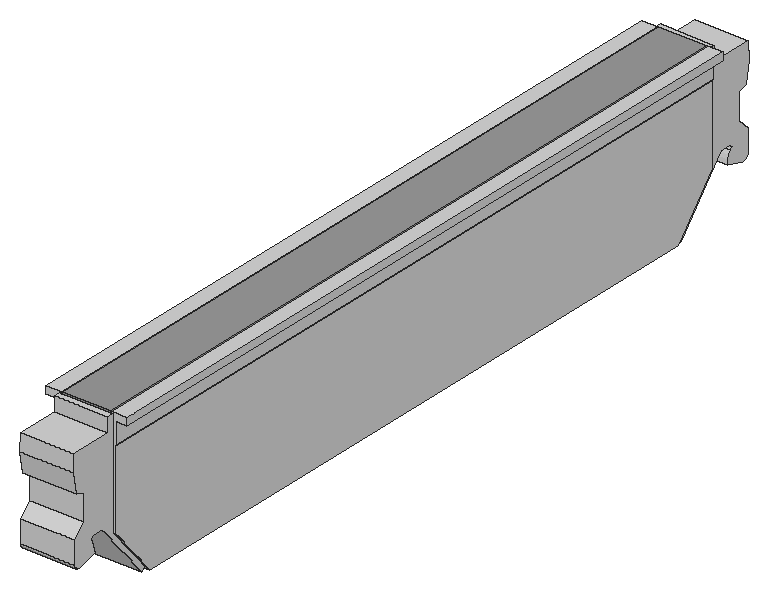
Revit family "CC4_TRANSVERSAL CC TR 0.75_1870050", category Generic Models, Revit 2018
Family settings
  Can host rebar = No
  Round Connector Dimension = Use Diameter
  Part Type = Normal
  OmniClass Number = 35.51.14.00
  OmniClass Title = FORMWORK
  Work Plane-Based = Yes
  Always vertical = No
  Cut with Voids When Loaded = No
  Shared = Yes
  Room Calculation Point = No
Parameters
  VERSION = "20190101"  # constant formula
  URL = "www.ulmaconstruction.com/en"
  UNICLASS = ""
  ITEM_CODE = "1870050"
  Manufacturer = "ULMA CONSTRUCTION"  # constant formula
  FILTER [instance] = ""
  Default Elevation = 0.000 mm
  CLASSIFICATION_TITLE = ""
  CLASSIFICATION_NUMBER = ""
Reference planes
  plane 1 "Centro (Frontal/Posterior)": y = 0
  plane 2: z = 0
  plane 3 "Centro (Izquierda/Derecha)": x = 0
  plane 4 "ITEM_LENGTH": y = 750
Forms (mm)
  Extrusion 1, solid, material "ULMA POLYPROPYLENE BLACK", detail levels medium+fine
    sketch origin (0, 0, 0) x (1, 0, 0) y (0, 0, 1)
      loop
        line (-20.25, -71) -> (20.25, -71) -> (20.25, -21) -> (-20.25, -21) -> (-20.25, -71)
    from -680 to -70
  Extrusion 2, solid, material "ULMA ZINC", detail levels fine
    sketch origin (0, 0, 0) x (1, 0, 0) y (0, 0, 1)
      loop
        line (-20.25, -21) -> (-33, -21) -> (-33, -27) -> (-24.75, -27) -> (-24.75, -44.293) -> (-24.25, -45.207) -> (-24.25, -151) -> (24.25, -151) -> (24.25, -45.207) -> (24.75, -44.293) -> (24.75, -27) -> (33, -27) -> (33, -21) -> (20.25, -21) -> (20.25, -71) -> (-20.25, -71) -> (-20.25, -21)
    from -680 to -70
  Extrusion 3, void
    sketch origin (0, 0, 0) x (0, 1, 0) y (0, 0, 1)
      loop
        line (104.823, -151) -> (70, -109.5) -> (68, -109.5) -> (68, -153) -> (104.823, -153) -> (104.823, -151)
    from -35 to 35
  Extrusion 4, void
    sketch origin (0, 0, 0) x (0, 1, 0) y (0, 0, 1)
      loop
        line (680, -109.5) -> (645.177, -151) -> (645.177, -153) -> (682, -153) -> (682, -109.5) -> (680, -109.5)
    from -35 to 35
  Extrusion 5, solid, material "ULMA ZINC", detail levels fine
    sketch origin (0, 0, 0) x (0, 1, 0) y (0, 0, 1)
      loop
        line (70, -22) -> (65, -22) -> (65, -34) -> (30.211, -34) -> (29.97, -47.8) -> (33, -64.8) -> (39.97, -67.337) -> (39.97, -88.03) -> (30.805, -97.195) -> (30.805, -116.19)
        arc (30.805, -116.19) -> (32.37, -119.364) -> (35.841, -120.054) r 4
        line (35.841, -120.054) -> (50.97, -116)
        arc (50.97, -116) -> (50.117, -110.722) -> (47.752, -105.927) r 18.004
        arc (47.752, -105.927) -> (47.59, -103.342) -> (49.806, -102) r 2.5
        line (49.806, -102) -> (58.238, -102) -> (99.353, -151) -> (102.563, -148.307) -> (70, -109.5) -> (70, -22)
    from -22 to 22
  Extrusion 6, solid, material "ULMA ZINC", detail levels fine
    sketch origin (0, 0, 0) x (0, 1, 0) y (0, 0, 1)
      loop
        line (680, -22) -> (680, -109.5) -> (647.437, -148.307) -> (650.647, -151) -> (691.762, -102) -> (700.194, -102)
        arc (700.194, -102) -> (702.41, -103.342) -> (702.248, -105.927) r 2.5
        arc (702.248, -105.927) -> (699.883, -110.722) -> (699.03, -116) r 18.004
        line (699.03, -116) -> (714.159, -120.054)
        arc (714.159, -120.054) -> (717.63, -119.364) -> (719.195, -116.19) r 4
        line (719.195, -116.19) -> (719.195, -97.195) -> (710.03, -88.03) -> (710.03, -67.337) -> (717, -64.8) -> (720.03, -47.8) -> (719.789, -34) -> (685, -34) -> (685, -22) -> (680, -22)
    from -22 to 22
  Extrusion 7, solid, material "ULMA ZINC", detail levels medium
    sketch origin (0, 0, 0) x (1, 0, 0) y (0, 0, 1)
      loop
        line (-33, -21) -> (-33, -151) -> (33, -151) -> (33, -21) -> (20.25, -21) -> (20.25, -71) -> (-20.25, -71) -> (-20.25, -21) -> (-33, -21)
    from -680 to -70
  Extrusion 8, solid, material "ULMA ZINC", detail levels medium
    sketch origin (0, 0, 0) x (0, 1, 0) y (0, 0, 1)
      loop
        line (70, -34) -> (35, -34) -> (35, -102) -> (70, -102) -> (70, -34)
    from -22 to 22
  Extrusion 9, solid, material "ULMA ZINC", detail levels medium
    sketch origin (0, 0, 0) x (0, 1, 0) y (0, 0, 1)
      loop
        line (680, -34) -> (680, -102) -> (715, -102) -> (715, -34) -> (680, -34)
    from -22 to 22
Cuts and joins
  Extrusion 3, Extrusion 4 cuts Extrusion 2
  Extrusion 3, Extrusion 4 cuts Extrusion 7
Lines and regions (mm)
  model lines, style "ULMA TRANSVERSAL CC TR", detail levels coarse
    curve 1: line (0, 660, 0) -> (0, 90, 0)
    curve 2: line (60, 505.016, 0) -> (-60, 345.016, 0)
    curve 3: line (-60.012, 237.5, 0) -> (59.988, 397.5, 0)
Dimensions and locks
  plane 1 "Centro (Frontal/Posterior)" to plane 4 "ITEM_LENGTH" = 750.000 mm
  locked: plane 4 "ITEM_LENGTH" to plane 1 "Centro (Frontal/Posterior)" at 750
  aligned and locked: level to plane 2
